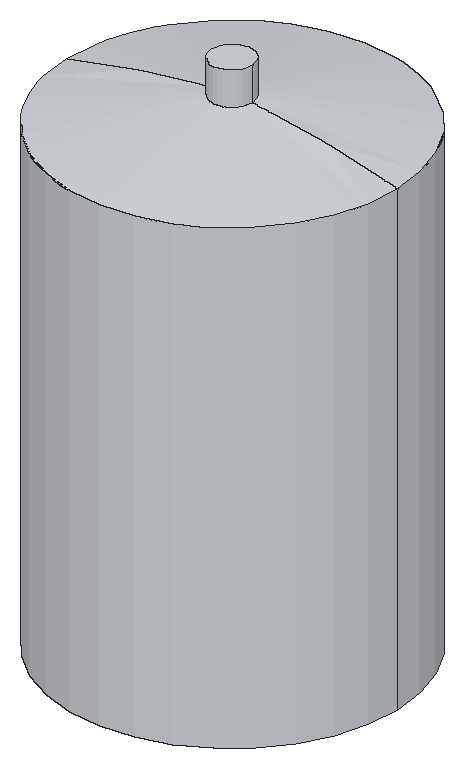
Revit family "M_Reservatório de expansão - Em linha", category Equipamento mecânico, Revit 2019
Family settings
  Cota do conector redondo = Usar raio
  Tipo de parte = Normal
  Número OmniClass = 23.75.70.11.14
  Título OmniClass = Expansion Vessels
  ID de item do Seek = Expansion Tank - Inline-0000-CAN-ENU
  Com base no plano de trabalho = Não
  Sempre na vertical = Sim
  Corte com vazios quando carregada = Não
  Compartilhado = Não
  Ponto de cálculo do ambiente = Não
Parameters (values of type "8 L")
  Raio do reservatório = Diâmetro do reservatório * 0.5  # 101.5 mm
  Altura 2 = (Altura do reservatório - Altura 1) * 0.5  # 17.5 mm
  Meia altura 1 = Altura 1 * 0.5  # 143 mm
  Fluxo [instance] = 0.06 L/s
  Altura do reservatório = 321 mm
  Diâmetro do reservatório = 203 mm
  Raio nominal [instance] = 12.5 mm
  Material do reservatório de expansão em linha = none
  Altura 1 = 286 mm
  Diâmetro nominal [instance] = Raio nominal * 2  # 25 mm
Types (6, lengths in mm): name | Raio do reservatório | Altura 2 | Meia altura 1 | Altura do reservatório | Diâmetro do reservatório | Altura 1
  (no name) | 101.5 | 17.5 | 143 | 321 | 203 | 286
  8 L | 101.5 | 17.5 | 143 | 321 | 203 | 286
  17 L | 139.5 | 19 | 171.5 | 381 | 279 | 343
  29 L | 139.5 | 25.5 | 257 | 565 | 279 | 514
  39 L | 195.5 | 25.5 | 200 | 451 | 391 | 400
  53 L | 195.5 | 25.5 | 254 | 559 | 391 | 508
Reference planes
  plane 1 "Centro (Frente/Trás)": y = 0
  plane 2: z = 0
  plane 3 "Centro (Esquerda/Direita)": x = 0
  plane 4: x = -101.5
  plane 5: x = 101.5
  plane 6: z = 321
  plane 7: z = 17.5
  plane 8: z = 303.5
  plane 9: z = 340.05
Forms (mm)
  Revolve 1, solid, material <- "Material do reservatório de expansão em linha"
    sketch origin (0, 0, 0) x (1, 0, 0) y (0, 0, 1)
      loop
        arc (-101.5, 17.5) -> (-51.08, 6.838) -> (0, 0) r 684.301
        line (0, 0) -> (0, 17.5) -> (-101.5, 17.5)
      axis (0, 17.5) -> (0, 0)
    angle from 0 to 360
  Extrusion 2, solid, material <- "Material do reservatório de expansão em linha"
    sketch origin (0, 0, 0) x (1, 0, 0) y (0, 1, 0)
      loop
        circle (0, 0) r 101.5
    from 17.5 to 303.5
  Revolve 3, solid, material <- "Material do reservatório de expansão em linha"
    sketch origin (0, 0, 0) x (1, 0, 0) y (0, 0, 1)
      loop
        arc (0, 321) -> (-51.076, 314.139) -> (-101.5, 303.5) r 692.874
        line (-101.5, 303.5) -> (0, 303.5) -> (0, 321)
      axis (0, 321) -> (0, 303.5)
    angle from 0 to 360
  Extrusion 4, solid, material <- "Material do reservatório de expansão em linha"
    sketch origin (0, 0, 0) x (1, 0, 0) y (0, 1, 0)
      loop
        circle (0, 0) r 12.5
    from 303.5 to 340.05
Cuts and joins
  joined: Revolve 1, Extrusion 2, Revolve 3, Extrusion 4
Dimensions and locks
  equal spacing: plane 5, plane 3 "Centro (Esquerda/Direita)", plane 4
  "Raio do reservatório": plane 3 "Centro (Esquerda/Direita)" to plane 4
  "Altura do reservatório": plane 6 to plane 2
  "Altura 2": plane 7 to plane 2
  "Altura 1": plane 8 to plane 7
  locked: plane 9 to plane 6 at 19.05
  "Raio do reservatório": radius of Extrusion 2 sketch curve
  "Raio nominal": radius of Extrusion 4 sketch curve
  aligned and locked: Revolve 1 sketch curve to Revolve 1 sketch curve  (x2)
  aligned and locked: plane 3 "Centro (Esquerda/Direita)" to Extrusion 2 sketch curve
  aligned and locked: plane 1 "Centro (Frente/Trás)" to Extrusion 2 sketch curve
  aligned and locked: Extrusion 2 to plane 7
  aligned and locked: plane 8 to Extrusion 2
  aligned and locked: plane 6 to Revolve 3 sketch curve
  aligned and locked: Revolve 3 sketch curve to Revolve 3 sketch curve  (x2)
  aligned and locked: plane 3 "Centro (Esquerda/Direita)" to Extrusion 4 sketch curve
  aligned and locked: plane 1 "Centro (Frente/Trás)" to Extrusion 4 sketch curve
  aligned and locked: plane 9 to Extrusion 4
  aligned and locked: Extrusion 4 to plane 8
Automatic sketch dimensions
  Revolve 1 sketch curve to plane 4 = 0 mm
  Revolve 1 sketch curve to level = 0 mm  (x2)
  Revolve 1 sketch curve to plane 3 "Centro (Esquerda/Direita)" = 0 mm
  Revolve 1 sketch curve to plane 7 = 0 mm
  plane 3 "Centro (Esquerda/Direita)" to Revolve 1 sketch curve = 65.188 mm
  Revolve 3 sketch curve to plane 4 = 0 mm
  Revolve 3 sketch curve to plane 3 "Centro (Esquerda/Direita)" = 0 mm
  Revolve 3 sketch curve to plane 8 = 0 mm
  Revolve 3 sketch curve to plane 6 = 0 mm
  plane 3 "Centro (Esquerda/Direita)" to Revolve 3 sketch curve = 66.648 mm
Connectors
  piping at (0, 0, 340.05), diameter 25, driven by "Fluxo", driven by "Raio nominal"
    settings: on cut or joined group of Revolve 1, Extrusion 2, Revolve 3, Extrusion 4, index 1, connector inside diameter 25 mm, connector length 0 mm, flow factor 0, pipe flow 0.06 L/s, pressure drop 0.0 Pa, fitting loss kfactor 0, connector angle 0.00°, fixture units 0, engagement length 0 mm, angle of deflection 0.00°, flow configuration 0, flow direction 2, fitting loss method 0, system type 29, joint type 0, gender type 0, connector reference index -1, connector utility 0, adjustable connector no, is connector primary yes, connector description "Saída do reservatório"
